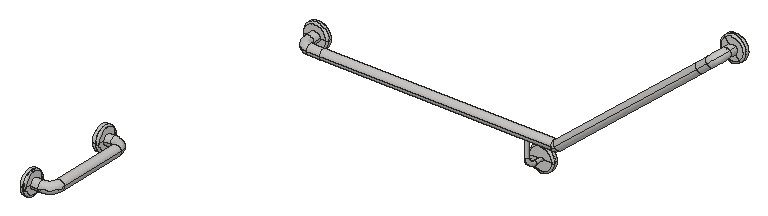
Revit family "RBA4040-300", category Plumbing Fixtures, Revit 2021
Family settings
  Round Connector Dimension = Use Diameter
  Part Type = Normal
  Work Plane-Based = No
  Always vertical = Yes
  Cut with Voids When Loaded = No
  Shared = No
  Room Calculation Point = No
Parameters (values of type "RBA4040-300")
  Watermarked By = "www.rba.com.au"
  URL = "http://www.rba.com.au/accessible-disabled/grab-rails"
  Phone Number = "1300 788 778"
  OFFSET [instance] = 800 mm
  Modified Issue = "20190801.01"
  Model = "RBA4040-300"
  Materials and Finishes = Stainless Steel, Satin Finish
  Manufacturer = "RBA Group"
  Lgth = 900 mm
  Distance Away from Wall [instance] = 100 mm
  Distance Away from Toilet [instance] = 1090 mm
  Diameter = 32 mm
  Description = "40° WC Grab Rail - Left Hand, 300 Straight"
  Default Elevation = 0 mm
  Copyrighted by = "RBA Group"  # constant formula
Reference planes
  plane 1 "Center (Front/Back)": y = 0
  plane 2: z = 0
  plane 3 "Center (Left/Right)": x = 0
  plane 4: z = 800
  plane 5: x = -636.005
  plane 6: x = -536.231
  plane 7: x = -1386.005
  plane 8: z = 700
  plane 9: through (-536.136, -1524, 799.887) normal (-0.766, 0, -0.6428)
  plane 10: through (-536.231, -1524, 800) normal (-0.6428, 0, 0.766)
  plane 11: through (3.058, -1524, 1246.307) normal (-0.766, 0, -0.6428)
  plane 12: x = -1486.005
  plane 13: y = -1074
  plane 14: y = -1090
  plane 15: y = -57
  plane 16: y = -89
  plane 17: y = -774
  plane 18: x = -1429.005
  plane 19: x = -1397.005
  plane 20: z = 1250.225
  plane 21: z = 784
  plane 22: through (-525.947, -1524, 787.743) normal (-0.6428, 0, 0.766)
Dimensions and locks
  "OFFSET": plane 4 to level
  "Distance Away from Wall": plane 12 to plane 7
  "Distance Away from Toilet": plane 14 to plane 1 "Center (Front/Back)"
  locked: plane 13 to plane 14 at 16
  aligned and locked: level to plane 2
  aligned and locked: plane 4 to nested 2
  aligned and locked: plane 13 to nested 1
  aligned and locked: nested 1 to plane 12
  aligned and locked: nested 1 to plane 4
Nested families
  nested 1: "RBA4000-000" at (-1486.005, -1074, 1178) x (0, 0, -1) z (0, 1, 0), type "RBA4000-030"
    with Length of Rail 300 mm
  nested 2: "RBA4040-800" at (-1426.485, 0, 800), type "RBA4040-800"
    with R_Void 15 mm, R 0 mm
Definition of nested family "RBA4000-000"
  Parameters (values of type "RBA4000-030")
    Watermarked By = "www.rba.com.au"
    URL = "http://www.rba.com.au/accessible-disabled/grab-rails"
    Length of Rail [instance] = 1000 mm
    Phone Number = "1300 788 778"
    Model = "RBA4110-923"
    Manufacturer = "RBA GROUP"
    Description = "90deg Angled Shower Grab Rail"
    Default Elevation = 1219.2 mm
    Copyrighted By = "RBA Group"  # constant formula
    BAR = none
    Assembly Code = ""
  Reference planes
    plane 1 "Center (Front/Back)": y = 0
    plane 2: z = 0
    plane 3: z = 1000
    plane 4: x = 378
    plane 5: through (429.059, 25.441, -143.224) normal (-0.8572, 0, -0.515)
    plane 6: through (278.371, 25.441, -27.78) normal (-0.515, 0, 0.8572)
    plane 7: through (306.699, 25.441, -74.925) normal (-0.515, 0, 0.8572)
    plane 8: through (429.059, 25.441, 956.776) normal (-0.8572, 0, -0.515)
    plane 9: through (278.371, 25.441, 1072.22) normal (-0.515, 0, 0.8572)
    plane 10: through (306.699, 25.441, 1025.075) normal (-0.515, 0, 0.8572)
    plane 11: y = -89
    plane 12: y = -57
  Forms (mm)
    Sweep 1, solid
      path origin (378, -752, 1273.954) x (0, 0, -1) y (0, -1, 0)
        loop
          line (1273.954, -742) -> (1273.954, -711)
          arc (1273.954, -711) -> (1264.582, -688.373) -> (1241.954, -679) r 32
          line (1241.954, -679) -> (305.954, -679)
          arc (305.954, -679) -> (283.327, -688.373) -> (273.954, -711) r 32
          line (273.954, -711) -> (273.954, -742)
      profile origin (378, -73, 500) x (0, 1, 0) y (-1, 0, 0)
        loop
          circle (0, 0) r 16
    Extrusion 2, solid
      sketch origin (62.093, -2.628, 262.5) x (1, 0, 0) y (0, 0, -1)
        loop
          circle (315.907, 262.5) r 37.5
      from -7.372 to 2.628
    Revolve 3, solid
      sketch origin (378, 18.663, 262.5) x (0, -1, 0) y (0, 0, 1)
        loop
          line (18.663, -262.5) -> (33.701, -262.5) -> (32.901, -228.383)
          arc (32.901, -228.383) -> (31.396, -224.923) -> (27.902, -223.5) r 5
          line (27.902, -223.5) -> (18.663, -223.5) -> (18.663, -262.5)
        axis (18.663, -262.5) -> (33.701, -262.5)
      angle from 0 to 360
    Extrusion 4, void
      sketch origin (107.215, 34.941, -162.704) x (0.857167, 0, 0.515038) y (0.515038, 0, -0.857167)
        loop
          circle (315.907, -27.5) r 5
        loop
          circle (315.907, 27.5) r 5
      from -46.533 to -34.941
    Extrusion 5, solid
      sketch origin (62.093, -2.628, 937.5) x (1, 0, 0) y (0, 0, -1)
        loop
          circle (315.907, -62.5) r 37.5
      from -7.372 to 2.628
    Revolve 6, solid
      sketch origin (378, 18.663, 937.5) x (0, -1, 0) y (0, 0, 1)
        loop
          line (18.663, 62.5) -> (36.046, 62.5) -> (35.246, 96.617)
          arc (35.246, 96.617) -> (33.742, 100.077) -> (30.248, 101.5) r 5
          line (30.248, 101.5) -> (18.663, 101.5) -> (18.663, 62.5)
        axis (18.663, 62.5) -> (36.046, 62.5)
      angle from 0 to 360
    Extrusion 7, void
      sketch origin (107.215, 34.941, 937.296) x (0.857167, 0, 0.515038) y (0.515038, 0, -0.857167)
        loop
          circle (264.403, 58.217) r 5
        loop
          circle (264.403, 113.217) r 5
      from -44.941 to -34.941
    Extrusion 8, void
      sketch origin (-1037.907, 0, 600) x (-1, 0, 0) y (0, 0, -1)
        loop
          circle (-1430.457, -424.215) r 5
        loop
          circle (-1401.357, -375.785) r 5
        loop
          circle (-1444.157, -400) r 5
      from 0 to 5
    Extrusion 9, void
      sketch origin (-1037.907, 0, 437.5) x (-1, 0, 0) y (0, 0, -1)
        loop
          circle (-1430.457, 413.285) r 5
        loop
          circle (-1444.157, 437.5) r 5
        loop
          circle (-1401.357, 461.715) r 5
      from 0 to 5
  Cuts and joins
    Extrusion 4, Extrusion 9 cuts Extrusion 2
    Extrusion 7, Extrusion 8 cuts Extrusion 5
    Extrusion 4, Extrusion 9 cuts Revolve 3
    Extrusion 7, Extrusion 8 cuts Revolve 6
    joined: Sweep 1, Revolve 3, Revolve 6
  Dimensions and locks
    "Length of Rail": plane 3 to level
    locked: Revolve 3 sketch curve to Revolve 3 sketch curve at 39
    plane 7 to plane 6 = 55 mm
    locked: Revolve 6 sketch curve to Revolve 6 sketch curve at 39
    plane 10 to plane 9 = 55 mm
    locked: plane 3 to Extrusion 5 sketch curve
    locked: Extrusion 5 sketch curve to plane 4
    locked: Extrusion 8 sketch curve to plane 3 at 24.215
    locked: Extrusion 8 sketch curve to plane 4 at 14.55
    locked: plane 3 to Extrusion 7 sketch curve at 23.572
    locked: Extrusion 7 sketch curve to plane 4 at 14.164
    plane 1 "Center (Front/Back)" to Revolve 6 sketch curve = 17.383 mm
    locked: Extrusion 2 sketch curve to plane 2
    locked: Extrusion 2 sketch curve to plane 4 at 0
    locked: plane 2 to Extrusion 9 sketch curve at 24.215
    locked: plane 4 to Extrusion 9 sketch curve at 14.55
    locked: plane 2 to Extrusion 4 sketch curve at 23.572
    locked: Extrusion 4 sketch curve to plane 4 at 14.164
    locked: Extrusion 8 sketch curve to plane 3 at 0
    locked: plane 3 to Extrusion 8 sketch curve at 24.215
    locked: Extrusion 8 sketch curve to plane 4 at 28.25
    locked: plane 4 to Extrusion 8 sketch curve at 14.55
    locked: plane 4 to Extrusion 7 sketch curve at 14.164
    locked: Extrusion 7 sketch curve to plane 3 at 23.572
    locked: Revolve 6 sketch curve to plane 3 at 34.117
    plane 1 "Center (Front/Back)" to Revolve 6 sketch curve = 16.583 mm
    locked: plane 1 "Center (Front/Back)" to cut or joined group of Sweep 1, Revolve 3, Extrusion 4, Revolve 6, Extrusion 7, Extrusion 8, Extrusion 9 at 0
    plane 3 to level = 1000 mm
    plane 11 to plane 1 "Center (Front/Back)" = 89 mm
    cut or joined group of Sweep 1, Revolve 3, Extrusion 4, Revolve 6, Extrusion 7, Extrusion 8, Extrusion 9 to plane 11 = 89 mm
    radius of Sweep 1 sketch curve = 16 mm
    aligned and locked: Revolve 3 to Extrusion 2
    aligned and locked: Revolve 6 to Extrusion 5
    aligned and locked: plane 3 to Sweep 1 sketch curve
    aligned and locked: Sweep 1 sketch curve to level
    aligned and locked: Extrusion 2 to Extrusion 4
    aligned and locked: Extrusion 5 to Extrusion 7
    aligned and locked: Extrusion 7 to Sweep 1
    aligned and locked: Revolve 6 sketch curve to plane 3  (x2)
    aligned and locked: plane 1 "Center (Front/Back)" to Revolve 6 sketch curve
    aligned and locked: Revolve 3 sketch curve to plane 2  (x2)
    aligned and locked: plane 1 "Center (Front/Back)" to Revolve 3 sketch curve
  Automatic sketch dimensions
    profile plane to Sweep 1 sketch curve = 0 mm
    Sweep 1 sketch curve to profile plane = 0 mm
    plane 1 "Center (Front/Back)" to Revolve 3 sketch curve = 9.239 mm
    Revolve 3 sketch curve to Revolve 3 sketch curve = 4.999 mm
    Revolve 3 sketch curve to Revolve 3 sketch curve = 15.038 mm
    Revolve 3 sketch curve to Revolve 3 sketch curve = 5 mm
    Revolve 3 sketch curve to plane 1 "Center (Front/Back)" = 21.537 mm
    Revolve 3 sketch curve to Revolve 3 sketch curve = 28.425 mm
    plane 6 to Extrusion 4 sketch curve = 0 mm
    Extrusion 4 sketch curve to plane 5 = 30 mm
    Revolve 6 sketch curve to Revolve 6 sketch curve = 4.999 mm
    Revolve 6 sketch curve to plane 1 "Center (Front/Back)" = 21.537 mm
    Revolve 6 sketch curve to Revolve 6 sketch curve = 26.08 mm
    Extrusion 9 sketch curve to level = 0 mm
    plane 4 to Extrusion 9 sketch curve = 14.55 mm
    Extrusion 9 sketch curve to Extrusion 9 sketch curve = 13.7 mm
    level to Extrusion 9 sketch curve = 24.215 mm
    Sweep 1 sketch curve to plane 3 = 32 mm
    Sweep 1 sketch curve to Sweep 1 sketch curve = 32 mm
    plane 1 "Center (Front/Back)" to Sweep 1 sketch curve = 41 mm
    plane 1 "Center (Front/Back)" to Sweep 1 sketch curve = 10 mm  (x2)
    radius of Extrusion 2 sketch curve = 37.5 mm
    radius of Extrusion 4 sketch curve = 5 mm  (x2)
    radius of Extrusion 5 sketch curve = 37.5 mm
    radius of Extrusion 7 sketch curve = 5 mm  (x2)
    radius of Extrusion 8 sketch curve = 5 mm  (x3)
    radius of Extrusion 9 sketch curve = 5 mm  (x3)
  Nested families
    nested 1: "FamilyID" at (1.5, 0, 0), type "FamilyID"
  Definition of nested family "FamilyID"
    Reference planes
      plane 1: y = 0
      plane 2: x = 0
    Text (mm)
      text "RBA COPYRIGHT" at (0.001, 0.001, 0)
Definition of nested family "RBA4040-800"
  Parameters (values of type "RBA4040-300")
    Watermarked By = "www.rba.com.au"
    URL = "http://www.rba.com.au/accessible-disabled/grab-rails"
    R_Void [instance] = 15 mm
    R [instance] = 0 mm
    Phone Number = "1300 788 778"
    Model = "RBA4040-300"
    Manufacturer Model = ""
    Manufacturer = "RBA Group"
    Description = "45° WC Grab Rail"
    Default Elevation = 0 mm
    Copyrighted by = "RBA Group"  # constant formula
    BAR = none
    Assembly Code = ""
  Reference planes
    plane 1 "Center (Front/Back)": y = 0
    plane 2: z = 0
    plane 3: x = 40.25
    plane 4: z = -30
    plane 5: z = 30
    plane 6: x = 70.25
    plane 7: x = 10.25
    plane 8: x = 890.254
    plane 9: x = 515.5
    plane 10: through (1491.039, 25.441, 326.048) normal (-0.766, 0, -0.6428)
    plane 11: through (1544.803, 25.441, 355.319) normal (-0.766, 0, -0.6428)
    plane 12: through (1483.101, 25.441, 537.296) normal (0.6428, 0, -0.766)
    plane 13: through (1521.668, 25.441, 491.334) normal (0.6428, 0, -0.766)
    plane 14: z = -130
    plane 15: z = -70
    plane 16: x = 820
    plane 17: x = 760
    plane 18: x = 790.25
    plane 19: z = -100
    plane 20: through (890.5, -4572, -0.294) normal (-0.766, 0, -0.6428)
    plane 21: through (1426.731, -4572, 449.658) normal (-0.766, 0, -0.6428)
    plane 22: x = 1426.255
    plane 23: z = 450.225
  Forms (mm)
    Extrusion 1, solid
      sketch origin (40.25, -2.628, 315.907) x (0, 0, -1) y (-1, 0, 0)
        loop
          circle (315.907, 0) r 40
      from -0.219 to 2.628
    Revolve 2, solid
      sketch origin (40.25, 18.663, 0) x (0, -1, 0) y (1, 0, 0)
        loop
          line (18.663, 0) -> (18.663, -41.5) -> (27.844, -41.5)
          arc (27.844, -41.5) -> (31.337, -40.077) -> (32.842, -36.617) r 5
          line (32.842, -36.617) -> (33.701, 0) -> (18.663, 0)
        axis (18.663, 0) -> (33.701, 0)
      angle from 0 to 360
    Extrusion 3, void
      sketch origin (40.25, 34.941, 315.907) x (0, 0, -1) y (-1, 0, 0)
        loop
          circle (315.907, -30) r 5
        loop
          circle (315.907, 30) r 5
      from -37.788 to -30
    Sweep 4, solid
      path origin (40.25, 9.454, 0) x (0, -1, 0) y (-1, 0, 0)
        loop
          line (12.302, 0) -> (50.454, 0)
          arc (50.454, 0) -> (73.082, -9.373) -> (82.454, -32) r 32
          line (82.454, -32) -> (82.454, -76)
      profile origin (40.25, -21.924, 0) x (1, 0, 0) y (0, 0, 1)
        loop
          circle (0, 0) r 16
    Extrusion 5, solid
      sketch origin (1668.254, -2.628, 653.286) x (-0.766044, 0, -0.642788) y (-0.642788, 0, 0.766044)
        loop
          circle (315.907, 0) r 40
      from -0.219 to 2.628
    Extrusion 6, void
      sketch origin (1668.004, 34.941, 653.286) x (-0.766044, 0, -0.642788) y (-0.642788, 0, 0.766044)
        loop
          circle (315.907, 30) r 5
        loop
          circle (315.907, -30) r 5
      from -37.788 to -30
    Sweep 7, solid
      path origin (1876.206, 9.454, -86.006) x (0, -1, 0) y (0.766044, 0, 0.642788)
        loop
          line (12.302, 0) -> (50.454, 0)
          arc (50.454, 0) -> (73.082, -9.373) -> (82.454, -32) r 32
          line (82.454, -32) -> (82.454, -76)
      profile origin (1876.206, -21.924, -86.006) x (0.766044, 0, 0.642788) y (-0.642788, 0, 0.766044)
        loop
          circle (0, 700) r 16
    Revolve 8, solid
      sketch origin (1426.255, 18.663, 450.225) x (0, -1, 0) y (0.642788, 0, -0.766044)
        loop
          line (18.663, 0) -> (33.701, 0) -> (32.842, 36.617)
          arc (32.842, 36.617) -> (31.337, 40.077) -> (27.844, 41.5) r 5
          line (27.844, 41.5) -> (18.663, 41.5) -> (18.663, 0)
        axis (18.663, 0) -> (33.701, 0)
      angle from 0 to 360
    Sweep 9, solid
      path origin (0, 0, 0) x (1, 0, 0) y (0, 0, 1)
        loop
          line (116.25, 0) -> (882.418, 0)
          arc (882.418, 0) -> (889.258, 1.206) -> (895.274, 4.679) r 20
          line (895.274, 4.679) -> (1368.036, 401.373)
      profile origin (499.334, 0, 0) x (0, 0, 1) y (0, -1, 0)
        loop
          circle (0, 73) r 16
    Extrusion 10, solid
      sketch origin (790.25, -2.628, 215.907) x (0, 0, -1) y (-1, 0, 0)
        loop
          circle (315.907, 0) r 40
      from -0.219 to 2.628
    Revolve 11, solid
      sketch origin (790.25, 18.663, -100) x (0, -1, 0) y (1, 0, 0)
        loop
          line (18.663, 0) -> (18.663, -41.5) -> (27.844, -41.5)
          arc (27.844, -41.5) -> (31.337, -40.077) -> (32.842, -36.617) r 5
          line (32.842, -36.617) -> (33.701, 0) -> (18.663, 0)
        axis (18.663, 0) -> (33.701, 0)
      angle from 0 to 360
    Sweep 12, solid
      path origin (790.25, 9.454, -100) x (0, -1, 0) y (0, 0, -1)
        loop
          line (12.302, 0) -> (50.454, 0)
          arc (50.454, 0) -> (73.082, -9.373) -> (82.454, -32) r 32
          line (82.454, -32) -> (82.454, -100)
      profile origin (790.25, -21.924, -100) x (0, 0, -1) y (1, 0, 0)
        loop
          circle (0, 0) r 6
    Extrusion 13, void
      sketch origin (790, 34.941, 215.907) x (0, 0, -1) y (-1, 0, 0)
        loop
          circle (315.907, -30) r 5
        loop
          circle (315.907, 30) r 5
      from -37.788 to -30
  Cuts and joins
    Extrusion 3, Extrusion 6, Extrusion 13 cuts Extrusion 1
    Extrusion 3, Extrusion 6, Extrusion 13 cuts Revolve 2
    Extrusion 13 cuts Sweep 4
    Extrusion 6 cuts Revolve 8
    Extrusion 13 cuts Revolve 11
    joined: Revolve 2, Sweep 4, Sweep 7, Revolve 8, Sweep 9, Revolve 11, Sweep 12
    Extrusion 6 cuts Extrusion 5
    Extrusion 13 cuts Extrusion 10
  Dimensions and locks
    Revolve 2 sketch curve to Revolve 2 sketch curve = 41.5 mm
    plane 5 to level to plane 4 = 30 mm, 30 mm
    plane 7 to plane 6 = 60 mm
    plane 11 to plane 10 = 60 mm
    plane 12 to plane 13 = 60 mm
    Revolve 8 sketch curve to Revolve 8 sketch curve = 41.5 mm
    Revolve 11 sketch curve to Revolve 11 sketch curve = 41.5 mm
    plane 15 to plane 14 = 60 mm
    plane 17 to plane 16 = 60 mm
    level to plane 19 = 100 mm
    plane 8 to plane 18 = 100.004 mm
    plane 8 to plane 3 = 850.004 mm
    plane 20 to plane 21 = 700 mm
    radius of Extrusion 1 sketch curve = 40 mm
    radius of Sweep 4 sketch curve = 16 mm
    radius of Extrusion 5 sketch curve = 40 mm
    radius of Sweep 7 sketch curve = 16 mm
    radius of Extrusion 10 sketch curve = 40 mm
    radius of Sweep 12 sketch curve = 6 mm
    aligned and locked: Revolve 2 to Extrusion 1
    aligned and locked: Revolve 11 to Extrusion 10
